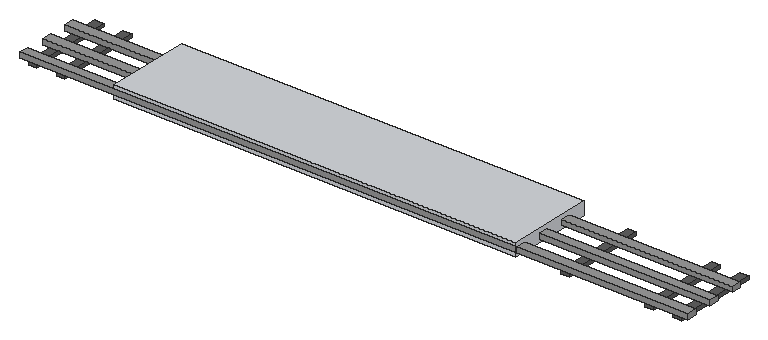
Revit family "2112-3, Solid", category Generic Models, host Face, Revit 2020
Family settings
  Host = Face
  Can host rebar = No
  Round Connector Dimension = Use Diameter
  Part Type = Normal
  Cut with Voids When Loaded = No
  Shared = No
  Room Calculation Point = No
Parameters
  min_value [instance] = 1' - 11 1/4"  # constant formula
  max_value [instance] = 11' - 11 1/4"  # constant formula
  actual_value [instance] = if(NET LENGTH < min_value, min_value, if(NET LENGTH > max_value, max_value, NET LENGTH))  # 7' - 11 1/4"
  NET LENGTH [instance] = 7' - 11 1/4"
  Default Elevation = 4' - 0"
  BACKER MATERIAL [instance] = BLACK-BACKERS
  .. MEMBER WIDTH [instance] = 0' - 1 3/8"  # constant formula
  .. MEMBER MATERIAL [instance] = Solid Western Hemlock
  .. MEMBER LENGTH [instance] = actual_value  # 7' - 11 1/4"
  .. MEMBER DEPTH [instance] = 0' - 0 3/4"  # constant formula
  .. MEMBER COUNT [instance] = 3  # constant formula
  IMPORTANT NOTE!!!                                                                             *Backer layout is for visualization purposes only, final layout to be determined by 9Wood. [instance] = ""
Reference planes (in)
  plane 1 "Center (Front/Back)": y = 0
  plane 2: z = 1.82209
  plane 3 "Center (Left/Right)": x = 0
Forms (in)
  Extrusion 1, solid
    sketch origin (132, -33.80483, 0) x (1, 0, 0) y (0, 1, 0)
      loop
        line (-118.625, 33.80483) -> (-61.26146, 33.80483) -> (-61.26146, 45.86733) -> (-118.625, 45.86733) -> (-118.625, 33.80483)
    from 1.82209 to 0
Dimensions and locks (in)
  aligned and locked: Extrusion 1 to plane 2
  aligned and locked: plane 3 "Center (Left/Right)" to nested 1
Nested families (in)
  nested 1: "1100 SERIES CONFIG" at (0, 2, 0), .. MEMBER DEPTH <- ".. MEMBER DEPTH", .. MEMBER LENGTH <- ".. MEMBER LENGTH", .. MEMBER WIDTH <- ".. MEMBER WIDTH", .. MEMBER MATERIAL <- ".. MEMBER MATERIAL", BACKING M MATERIAL <- "BACKER MATERIAL", .. MEMBER COUNT <- ".. MEMBER COUNT", type "1100 SERIES CONFIG"
    with X 7' - 8", SCRIM OVERHANG 2 0' - 0 3/32", SCRIM OVERHANG 0' - 0 7/8", SCRIM LENGTH 8' - 1", SCRIM  MATERIAL SCRIM, SCRIM no, NOMINAL LENGTH 7, N 8, Inset 6' - 0 3/8", INSET 0' - 1", INDEX 0' - 5 5/8", HALF MEMBER WIDTH 0' - 0 11/16", HALF LENGTH 3' - 11 5/8", END BACKER yes, BACKING M WIDTH 0' - 1 1/4", BACKING M OC SPACING 1' - 0", BACKING M MATERIAL BLACK-BACKERS, BACKING M LENGTH 0' - 11 7/8", BACKING M DEPTH 0' - 0 1/2", BACKING M COUNT 8, 3/16" INSET 0' - 0 3/16", .. MEMBER WIDTH 0' - 1 3/8", .. MEMBER OC SPACING 0' - 4", .. MEMBER MATERIAL Solid Western Hemlock, .. MEMBER LENGTH 7' - 11 1/4", .. MEMBER DEPTH 0' - 0 3/4", .. MEMBER COUNT 3
Definition of nested family "1100 SERIES CONFIG"
  Parameters (values of type "1100 SERIES CONFIG")
    X [instance] = .. MEMBER LENGTH - 0' 3 1/4"  # 5' - 5"
    SCRIM OVERHANG 2 [instance] = 0' - 0 3/32"  # constant formula
    SCRIM OVERHANG [instance] = 0' - 0 7/8"  # constant formula
    SCRIM LENGTH [instance] = .. MEMBER LENGTH + (SCRIM OVERHANG * 2)  # 5' - 10"
    SCRIM  MATERIAL [instance] = none
    SCRIM [instance] = yes
    NOMINAL LENGTH [instance] = 7
    N [instance] = if((X - (rounddown(X / 1' 0") * 1' 0")) > 1' 0", rounddown(X / 1' 0") + 2, rounddown(X / 1' 0") + 1)  # 6
    Inset [instance] = 6' - 0 3/8"  # constant formula
    INSET [instance] = 0' - 1"  # constant formula
    END BACKER [instance] = INDEX > 0' 3 5/8"  # yes
    INDEX [instance] = (.. MEMBER LENGTH - ((N - 1) * 1' 0")) / 2  # 0' - 4 1/8"
    HALF MEMBER WIDTH [instance] = .. MEMBER WIDTH / 2  # 0' - 0 5/16"
    HALF LENGTH [instance] = .. MEMBER LENGTH / 2  # 2' - 10 1/8"
    Default Elevation = 0' - 0"
    BACKING M WIDTH [instance] = 0' - 1 1/4"
    BACKING M SPACING = 3' - 3"
    BACKING M MATERIAL [instance] = none
    BACKING M LENGTH [instance] = 0' - 11 7/8"
    BACKING M DEPTH [instance] = 0' - 0 1/2"
    BACKING M COUNT [instance] = N  # 6
    BACKING M OC SPACING [instance] = 1' - 0"  # constant formula
    3/16" INSET [instance] = 0' - 0 3/16"  # constant formula
    .. MEMBER WIDTH [instance] = 0' - 0 5/8"
    .. MEMBER OC SPACING [instance] = 1' 0" / .. MEMBER COUNT  # 0' - 4"
    .. MEMBER MATERIAL [instance] = none
    .. MEMBER LENGTH [instance] = 5' - 8 1/4"
    .. MEMBER DEPTH [instance] = 0' - 1 3/8"
    .. MEMBER COUNT [instance] = 3
  Reference planes (in)
    plane 1 "Center (Front/Back)": y = -2
    plane 2: z = 0
    plane 3 "Center (Left/Right)": x = 0
    plane 4: x = 1
    plane 5: x = 4.125
    plane 6: x = 34.125
    plane 7: x = 68.25
    plane 8: x = 67.25
    plane 9: x = 16.125
    plane 10: y = -1.8125
    plane 11: y = -1.6875
    plane 12: y = 2.3125
    plane 13: x = 69.125
    plane 14: x = -0.875
    plane 15: z = 0.5
    plane 16: z = 0.5625
    plane 17: y = 10.0625
    plane 18: y = 10.15625
    plane 19: y = -2.09375
  Dimensions and locks (in)
    "INSET": plane 3 "Center (Left/Right)" to plane 4
    "INDEX": plane 3 "Center (Left/Right)" to plane 5
    "HALF LENGTH": plane 3 "Center (Left/Right)" to plane 6
    ".. MEMBER LENGTH": plane 3 "Center (Left/Right)" to plane 7
    "INSET": plane 8 to plane 7
    equal spacing: group 2, group 3, group 6, group 7, group 8, group 9  (x3)
    "3/16" INSET": plane 1 "Center (Front/Back)" to plane 10
    ".. MEMBER OC SPACING": plane 12 to plane 11
    "SCRIM OVERHANG": plane 14 to plane 3 "Center (Left/Right)"
    "SCRIM OVERHANG": plane 7 to plane 13
    equal spacing: group 1, group 4, group 5  (x2)
    equal spacing: group 5, group 4, group 1
    "HALF MEMBER WIDTH": plane 1 "Center (Front/Back)" to plane 11
    "BACKING M OC SPACING": plane 5 to plane 9
    "SCRIM OVERHANG 2": plane 18 to plane 17
    "SCRIM OVERHANG 2": plane 19 to plane 1 "Center (Front/Back)"
    aligned and locked: level to plane 2
    aligned and locked: plane 6 to nested 1
    aligned and locked: nested 2 to plane 4
    aligned and locked: plane 5 to nested 3
    aligned and locked: plane 1 "Center (Front/Back)" to nested 1
    aligned and locked: nested 2 to plane 10
    aligned and locked: nested 3 to plane 10
    aligned and locked: nested 5 to plane 10
    aligned and locked: nested 4 to plane 10
    aligned and locked: nested 6 to plane 14
    aligned and locked: plane 12 to nested 7
    aligned and locked: nested 7 to plane 3 "Center (Left/Right)"
    aligned and locked: plane 9 to nested 5
    aligned and locked: plane 8 to nested 4
    aligned and locked: plane 15 to nested 2
    aligned and locked: nested 6 to plane 15
    aligned and locked: nested 1 to plane 16
    aligned and locked: nested 7 to plane 16
    aligned and locked: nested 6 to plane 19
  Nested families (in)
    nested 1: "INSTANCE - Parametric Cube" at (34.125, -1.6875, 1.9375), Length <- ".. MEMBER WIDTH", Height <- ".. MEMBER DEPTH", Width <- ".. MEMBER LENGTH", Material <- ".. MEMBER MATERIAL", type "INSTANCE - Parametric Cube"
      with Width 5' - 8 1/4", Material none, Length 0' - 0 5/8", Height 0' - 1 3/8"
    nested 2: "2ND INSTANCE - Parametric Cube" at (1.625, 4.125, 0), Height <- "BACKING M DEPTH", Length <- "BACKING M LENGTH", Width <- "BACKING M WIDTH", Material <- "BACKING M MATERIAL", visible <- "END BACKER", type "2ND INSTANCE - Parametric Cube"
      with Width 0' - 1 1/4", Material none, Length 0' - 11 7/8", Height 0' - 0 1/2"
    nested 3: "2ND INSTANCE - Parametric Cube" at (4.125, 4.125, 0), Length <- "BACKING M LENGTH", Height <- "BACKING M DEPTH", Width <- "BACKING M WIDTH", Material <- "BACKING M MATERIAL", type "2ND INSTANCE - Parametric Cube"
      with Width 0' - 1 1/4", Material none, Length 0' - 11 7/8", Height 0' - 0 1/2"
    nested 4: "2ND INSTANCE - Parametric Cube" at (66.625, 4.125, 0), Width <- "BACKING M WIDTH", Length <- "BACKING M LENGTH", Height <- "BACKING M DEPTH", Material <- "BACKING M MATERIAL", visible <- "END BACKER", type "2ND INSTANCE - Parametric Cube"
      with Width 0' - 1 1/4", Material none, Length 0' - 11 7/8", Height 0' - 0 1/2"
    nested 5: "2ND INSTANCE - Parametric Cube" at (16.125, 4.125, 0), Length <- "BACKING M LENGTH", Height <- "BACKING M DEPTH", Width <- "BACKING M WIDTH", Material <- "BACKING M MATERIAL", type "2ND INSTANCE - Parametric Cube"
      with Width 0' - 1 1/4", Material none, Length 0' - 11 7/8", Height 0' - 0 1/2"
    nested 6: "3RD INSTANCE - Parametric Cube" at (34.125, 4.0445, 0.5), Width <- "SCRIM LENGTH", Material <- "SCRIM  MATERIAL", visible <- "SCRIM", type "3RD INSTANCE - Parametric Cube"
      with Width 5' - 10", Material none, Length 1' - 0.27649", Height 0' - 0 1/16"
    nested 7: "INSTANCE - Parametric Cube" at (34.125, 2.3125, 1.9375), Length <- ".. MEMBER WIDTH", Height <- ".. MEMBER DEPTH", Width <- ".. MEMBER LENGTH", Material <- ".. MEMBER MATERIAL", type "INSTANCE - Parametric Cube"
      with Width 5' - 8 1/4", Material none, Length 0' - 0 5/8", Height 0' - 1 3/8"
    nested 8: "INSTANCE - Parametric Cube" at (34.125, 6.3125, 1.9375), Length <- ".. MEMBER WIDTH", Height <- ".. MEMBER DEPTH", Width <- ".. MEMBER LENGTH", Material <- ".. MEMBER MATERIAL", type "INSTANCE - Parametric Cube"
      with Width 5' - 8 1/4", Material none, Length 0' - 0 5/8", Height 0' - 1 3/8"
    nested 9: "2ND INSTANCE - Parametric Cube" at (28.125, 4.125, 0), Length <- "BACKING M LENGTH", Height <- "BACKING M DEPTH", Width <- "BACKING M WIDTH", Material <- "BACKING M MATERIAL", type "2ND INSTANCE - Parametric Cube"
      with Width 0' - 1 1/4", Material none, Length 0' - 11 7/8", Height 0' - 0 1/2"
    nested 10: "2ND INSTANCE - Parametric Cube" at (40.125, 4.125, 0), Length <- "BACKING M LENGTH", Height <- "BACKING M DEPTH", Width <- "BACKING M WIDTH", Material <- "BACKING M MATERIAL", type "2ND INSTANCE - Parametric Cube"
      with Width 0' - 1 1/4", Material none, Length 0' - 11 7/8", Height 0' - 0 1/2"
    nested 11: "2ND INSTANCE - Parametric Cube" at (52.125, 4.125, 0), Length <- "BACKING M LENGTH", Height <- "BACKING M DEPTH", Width <- "BACKING M WIDTH", Material <- "BACKING M MATERIAL", type "2ND INSTANCE - Parametric Cube"
      with Width 0' - 1 1/4", Material none, Length 0' - 11 7/8", Height 0' - 0 1/2"
    nested 12: "2ND INSTANCE - Parametric Cube" at (64.125, 4.125, 0), Length <- "BACKING M LENGTH", Height <- "BACKING M DEPTH", Width <- "BACKING M WIDTH", Material <- "BACKING M MATERIAL", type "2ND INSTANCE - Parametric Cube"
      with Width 0' - 1 1/4", Material none, Length 0' - 11 7/8", Height 0' - 0 1/2"
  Definition of nested family "INSTANCE - Parametric Cube"
    Parameters (values of type "INSTANCE - Parametric Cube")
      Width [instance] = 0' - 6"
      Material [instance] = none
      Length [instance] = 1' - 0"
      Height [instance] = 1' - 6"
      Default Elevation = 0' - 0"
    Reference planes (in)
      plane 1 "Center (Front/Back)": y = 0
      plane 2: z = 0
      plane 3 "Center (Left/Right)": x = 0
      plane 4: x = -3
      plane 5: x = 3
      plane 6: y = 6
      plane 7: y = -6
      plane 8: z = -18
    Forms (in)
      Extrusion 1, solid, material <- "Material"
        sketch origin (0, 0, 0) x (1, 0, 0) y (0, 1, 0)
          loop
            line (-3, 6) -> (-3, -6) -> (3, -6) -> (3, 6) -> (-3, 6)
        from -18 to 0
    Dimensions and locks (in)
      equal spacing: plane 4, plane 3 "Center (Left/Right)", plane 5
      equal spacing: plane 6, plane 1 "Center (Front/Back)", plane 7
      "Length": plane 6 to plane 7
      "Width": plane 4 to plane 5
      "Height": plane 8 to level
      aligned and locked: plane 2 to level
      aligned and locked: Extrusion 1 sketch curve to plane 6
      aligned and locked: plane 4 to Extrusion 1 sketch curve
      aligned and locked: plane 7 to Extrusion 1 sketch curve
      aligned and locked: Extrusion 1 sketch curve to plane 5
      aligned and locked: Extrusion 1 to plane 8
  Definition of nested family "2ND INSTANCE - Parametric Cube"
    Parameters (values of type "2ND INSTANCE - Parametric Cube")
      Width [instance] = 0' - 6"
      Material [instance] = none
      Length [instance] = 1' - 0"
      Height [instance] = 1' - 6"
      Default Elevation = 0' - 0"
    Reference planes (in)
      plane 1 "Center (Front/Back)": y = 0
      plane 2: z = 0
      plane 3 "Center (Left/Right)": x = 0
      plane 4: x = -3
      plane 5: x = 3
      plane 6: y = 6
      plane 7: y = -6
      plane 8: z = 18
    Forms (in)
      Extrusion 1, solid, material <- "Material"
        sketch origin (0, 0, 0) x (1, 0, 0) y (0, 1, 0)
          loop
            line (-3, 6) -> (-3, -6) -> (3, -6) -> (3, 6) -> (-3, 6)
        from 0 to 18
    Dimensions and locks (in)
      equal spacing: plane 4, plane 3 "Center (Left/Right)", plane 5
      equal spacing: plane 6, plane 1 "Center (Front/Back)", plane 7
      "Length": plane 6 to plane 7
      "Width": plane 4 to plane 5
      "Height": level to plane 8
      aligned and locked: plane 2 to level
      aligned and locked: Extrusion 1 sketch curve to plane 6
      aligned and locked: plane 4 to Extrusion 1 sketch curve
      aligned and locked: plane 7 to Extrusion 1 sketch curve
      aligned and locked: Extrusion 1 sketch curve to plane 5
      aligned and locked: plane 8 to Extrusion 1
      aligned and locked: Extrusion 1 to level
  Definition of nested family "3RD INSTANCE - Parametric Cube"
    Parameters (values of type "3RD INSTANCE - Parametric Cube")
      Width [instance] = 0' - 6"
      Material [instance] = none
      Length [instance] = 1' - 0"
      Height [instance] = 1' - 6"
      Default Elevation = 0' - 0"
    Reference planes (in)
      plane 1 "Center (Front/Back)": y = 0
      plane 2: z = 0
      plane 3 "Center (Left/Right)": x = 0
      plane 4: x = -3
      plane 5: x = 3
      plane 6: y = 6
      plane 7: y = -6
      plane 8: z = 18
    Forms (in)
      Extrusion 1, solid, material <- "Material"
        sketch origin (0, 0, 0) x (1, 0, 0) y (0, 1, 0)
          loop
            line (-3, 6) -> (-3, -6) -> (3, -6) -> (3, 6) -> (-3, 6)
        from 0 to 18
    Dimensions and locks (in)
      equal spacing: plane 4, plane 3 "Center (Left/Right)", plane 5
      equal spacing: plane 6, plane 1 "Center (Front/Back)", plane 7
      "Length": plane 6 to plane 7
      "Width": plane 4 to plane 5
      "Height": level to plane 8
      aligned and locked: plane 2 to level
      aligned and locked: Extrusion 1 sketch curve to plane 6
      aligned and locked: plane 4 to Extrusion 1 sketch curve
      aligned and locked: plane 7 to Extrusion 1 sketch curve
      aligned and locked: Extrusion 1 sketch curve to plane 5
      aligned and locked: plane 8 to Extrusion 1
      aligned and locked: Extrusion 1 to level
